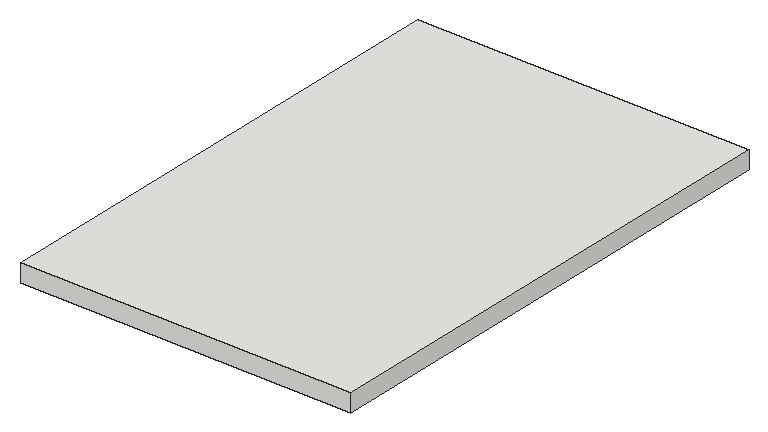
Revit family "SURVIVOR069xxWS8xxx-US", category Leuchten, Revit 2020
Family settings
  Basisbauteil = Fläche
  Bemaßung runder Anschluss = Durchmesser verwenden
  Teiletyp = Normal
  OmniClass-Nummer = 23.80.70.11
  OmniClass-Titel = Luminaries for Internal Lighting
  Beim Laden mit Abzugskörper schneiden = Nein
  Lichtquelle = Ja
  Gemeinsam genutzt = Nein
  Raumberechnungspunkt = Nein
Parameters (values of type "SURVIVOR069DAWS840S0300-US")
  width = 240 mm  # constant formula
  weight = "5.3 kg"
  voltage type (AC, DC, UC) = "AC"
  rated input power = 23
  product name = "SURVIVOR069DAWS840S0300-US"
  nominal voltage = "230"
  nominal frequency = "50-60Hz"
  length = 690 mm  # constant formula
  ingress protection (IP) code = "IP65"
  height = 73 mm  # constant formula
  electrical safety class = "1"
  control gear = ""
  conformity mark = "CE"  # constant formula
  brand = "RIDI"
  approval mark = ""
  built-in parameter 1150104 = 13.8 (stored number, unit not read)
  Wattage = 22.6199 W
  Von Breite des Rechtecks ausssenden = 618 mm
  Von Länge des Rechtecks aussenden = 172 mm  # constant formula
  Default Elevation = 0 mm
  built-in parameter 1150113 = 1 (stored number, unit not read)
  built-in parameter 1114218 = 1 (stored number, unit not read)
  URL = "www.ridi.de"
  built-in parameter 1150134 = 12
  built-in parameter 1150109 = 1 (stored number, unit not read)
  built-in parameter 1150110 = 1 (stored number, unit not read)
  Apparent Load = 23 VA
  Tilt Angle = 90.00°
  Modell = "6069109//425"
  built-in parameter 1114217 = 1 (stored number, unit not read)
  built-in parameter 1150139 = (empty or 0)
  built-in parameter 1150105 = 1243.3 (stored number, unit not read)
  built-in parameter 1150114 = 1 (stored number, unit not read)
  Lumens = 3360 lm
  built-in parameter 1150115 = 1 (stored number, unit not read)
  built-in parameter 1150112 = 1 (stored number, unit not read)
  Lampe = "LED"
  Hersteller = "RIDI Leuchten GmbH"  # constant formula
  Dimming Lamp Color Temperature Shift = (empty or 0)
  Color Filter = 16777215
  built-in parameter 1150133 = 10 (stored number, unit not read)
  Emit Shape Visible in Rendering = no
  built-in parameter 1150137 = (empty or 0)
  built-in parameter 1150132 = 2
  Datei für fotometrisches Netz = "SURVIVOR_S.IES"
  Copyright = "© RIDI. All rights reserved."  # constant formula
  built-in parameter 1150106 = 12.433 (stored number, unit not read)
  Baugruppenkennzeichen = "D5020200"
  built-in parameter 1150107 = 4000 (stored number, unit not read)
  built-in parameter 1150102 = (empty or 0)
  built-in parameter 1150138 = (empty or 0)
Types (6, lengths in mm): name | weight | rated input power | product name | Wattage | built-in parameter 1150134 | Apparent Load | Modell | built-in parameter 1150105 | Lumens | Datei für fotometrisches Netz | built-in parameter 1150106 | built-in parameter 1150107
  (no name) | "5.3 kg" | 23 | "SURVIVOR069DAWS840S0300-US" | 22.6199 W | 12 | 23 VA | "6069109//425" | 1243.3 (stored number, unit not read) | 3360 lm | "SURVIVOR_S.IES" | 12.433 (stored number, unit not read) | 4000 (stored number, unit not read)
  SURVIVOR069DAWS830AS0300-US | "5.3 kg" | 23 | "SURVIVOR069DAWS830AS0300-US" | 17.8401 W | (empty or 0) | 23 VA | "6069078//425" | 210.88 (stored number, unit not read) | 2650 lm | "SURVIVOR_SAS.IES" | 2.1088 (stored number, unit not read) | 3000 (stored number, unit not read)
  SURVIVOR069DAWS830MPO0300-US | "5.3 kg" | 23 | "SURVIVOR069DAWS830MPO0300-US" | 17.0995 W | (empty or 0) | 23 VA | "6069091//425" | 202.13 (stored number, unit not read) | 2540 lm | "SURVIVOR_MPO.IES" | 2.0213 (stored number, unit not read) | 3000 (stored number, unit not read)
  SURVIVOR069DAWS840K0300-US | "6.2 kg" | 18 | "SURVIVOR069DAWS840K0300-US" | 18.5133 W | 12 | 17.8 VA | "0632206//425" | 218.84 (stored number, unit not read) | 2750 lm | "SURVIVOR_K.IES" | 2.1884 (stored number, unit not read) | 4000 (stored number, unit not read)
  SURVIVOR069DAWS830S0300-US | "5.3 kg" | 23 | "SURVIVOR069DAWS830S0300-US" | 21.4754 W | (empty or 0) | 23 VA | "6069075//425" | 253.85 (stored number, unit not read) | 3190 lm | "SURVIVOR_S.IES" | 2.5385 (stored number, unit not read) | 3000 (stored number, unit not read)
  SURVIVOR069DAWS840S0300-US | "5.3 kg" | 23 | "SURVIVOR069DAWS840S0300-US" | 22.6199 W | 12 | 23 VA | "6069109//425" | 1243.3 (stored number, unit not read) | 3360 lm | "SURVIVOR_S.IES" | 12.433 (stored number, unit not read) | 4000 (stored number, unit not read)
Reference planes
  plane 1 "Mitte (Vorne/hinten)": y = 0
  plane 2: z = 0
  plane 3 "Mitte (Links/rechts)": x = 0
Forms (mm)
  Extrusion 1, solid
    sketch origin (219.2, 280.8, 0) x (1, 0, 0) y (0, 1, 0)
      loop
        line (-1219.2, 1219.2) -> (-1219.2, -1780.8) -> (780.8, -1780.8) -> (780.8, 1219.2) -> (-1219.2, 1219.2)
    from 0 to -107.307
Dimensions and locks
  aligned and locked: plane 2 to Extrusion 1
  aligned and locked: level to Extrusion 1
Connectors
  electrical at (53.526, -319.1, 2.275), driven by "Apparent Load"
    settings: on import instance, index 1, voltage 230 V, apparent load 0 VA, apparent load phase1 23 VA, apparent load phase2 0 VA, apparent load phase3 0 VA, power factor 1, load classification "Lighting", number of poles 1, system type 31, power factor state 1, is connector primary yes, connector utility no, sub classification motor no, connector description ""
